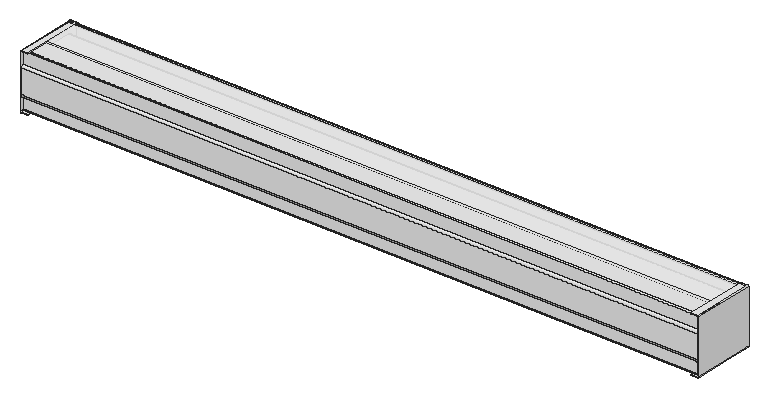
Revit family "LHCAV", category Lighting Fixtures, host Wall, Revit 2019
Family settings
  Host = Wall
  Round Connector Dimension = Use Diameter
  Part Type = Normal
  OmniClass Number = 23.80.70.11.14
  OmniClass Title = General Luminaries, Directional
  Always vertical = Yes
  Cut with Voids When Loaded = No
  Light Source = Yes
  Shared = No
  Room Calculation Point = No
Parameters (values of type "LHCAV48-LED840K071LUNV")
  Wattage = 54 W
  built-in parameter 1150110 = 1 (stored number, unit not read)
  Voltage = 120 V
  URL = "https://www.viscor.com/en/products/lhcav"
  built-in parameter 1114217 = 0.9 (stored number, unit not read)
  Tilt Angle = 180.00°
  built-in parameter 1150109 = 1 (stored number, unit not read)
  built-in parameter 1150134 = 12
  built-in parameter 1150113 = 1 (stored number, unit not read)
  Photometric Web File = "LHCAV48-LED840K071LUNV-G002292.IES"
  Model = "LHCAV"  # constant formula
  Manufacturer = "VISIONEERING by VISCOR"  # constant formula
  Lumens = 7074 lm
  built-in parameter 1150115 = 1 (stored number, unit not read)
  built-in parameter 1150105 = 562.93 (stored number, unit not read)
  built-in parameter 1150137 = (empty or 0)
  built-in parameter 1150139 = (empty or 0)
  Lens Finish = Acrylic - Viscor - Frosted Prismatic P12
  Length = 4' - 0"
  Lamp Wattage = 54 VA
  built-in parameter 1150112 = 1 (stored number, unit not read)
  built-in parameter 1150114 = 1 (stored number, unit not read)
  Lamp = "LED"  # constant formula
  built-in parameter 1150132 = (empty or 0)
  built-in parameter 1150102 = (empty or 0)
  built-in parameter 1150138 = (empty or 0)
  built-in parameter 1150107 = 4000 (stored number, unit not read)
  built-in parameter 1150106 = 5.6293 (stored number, unit not read)
  Housing Finish = Metal - Viscor - White
  Emit from Line Length = Length  # 4' - 0"
  built-in parameter 1150104 = 12.17 (stored number, unit not read)
  Dimming Lamp Color Temperature Shift = <None>
  Description = " LED Hospital Cavalier"  # constant formula
  Color Filter = 16777215
  built-in parameter 1114218 = 1 (stored number, unit not read)
  built-in parameter 1150133 = 10 (stored number, unit not read)
  Assembly Code = "D5020200"
  Apparent Load = Lamp Wattage  # 54 VA
Types (3): name | Wattage | Photometric Web File | Lumens | built-in parameter 1150105 | Length | Lamp Wattage | built-in parameter 1150106 | Emit from Line Length | built-in parameter 1150104 | Apparent Load
  (no name) | 54 W | "LHCAV48-LED840K071LUNV-G002292.IES" | 7074 lm | 562.93 (stored number, unit not read) | 4' - 0" | 54 VA | 5.6293 (stored number, unit not read) | 4' - 0" | 12.17 (stored number, unit not read) | 54 VA
  LHCAV24-LED840K035LUNV | 32 W | "LHCAV24-LED840K035LUNV-G002289.IES" | 3488 lm | 277.57 (stored number, unit not read) | 2' - 0" | 32 VA | 2.7757 (stored number, unit not read) | 2' - 0" | 10.126 (stored number, unit not read) | 32 VA
  LHCAV48-LED840K071LUNV | 54 W | "LHCAV48-LED840K071LUNV-G002292.IES" | 7074 lm | 562.93 (stored number, unit not read) | 4' - 0" | 54 VA | 5.6293 (stored number, unit not read) | 4' - 0" | 12.17 (stored number, unit not read) | 54 VA
Reference planes (in)
  plane 1: y = 0
  plane 2 "Light Source Axis (F/B)": y = 7.5
  plane 3 "Light Source Axis (L/R)": x = -1.43133
  plane 4 "Light Source Elevation": z = 77.42225
  plane 5: x = -25.43133
  plane 6: x = 22.56867
  plane 7: x = -25.40008
  plane 8: x = 22.53742
  plane 9: x = 22.50617
  plane 10: x = -25.36883
  plane 11: x = -24.89733
  plane 12: x = 22.03467
  plane 13: x = 21.22317
  plane 14: x = -24.08583
  plane 15: y = 3
  plane 16 "FixtureDepth": y = 7.404
Forms (in)
  Extrusion 1, solid, material "Metal - Viscor - White" <- "Housing Finish"
    sketch origin (-1.43133, 0, 0) x (0, -1, 0) y (0, 0, 1)
      loop
        line (-4.802, 79.32825) -> (-4.802, 79.297) -> (-3.219, 79.297)
        arc (-3.219, 79.297) -> (-3.19231, 79.28594) -> (-3.18125, 79.25925) r 0.03775
        line (-3.18125, 79.25925) -> (-3.18125, 75.58525)
        arc (-3.18125, 75.58525) -> (-3.19231, 75.55856) -> (-3.219, 75.5475) r 0.03775
        line (-3.219, 75.5475) -> (-4.802, 75.5475) -> (-4.802, 75.51625) -> (-3.219, 75.51625)
        arc (-3.219, 75.51625) -> (-3.17021, 75.53646) -> (-3.15, 75.58525) r 0.069
        line (-3.15, 75.58525) -> (-3.15, 76.39477)
        arc (-3.15, 76.39477) -> (-3.04252, 76.45606) -> (-3, 76.57225) r 0.18
        line (-3, 76.57225) -> (-3, 78.27225)
        arc (-3, 78.27225) -> (-3.04252, 78.38844) -> (-3.15, 78.44973) r 0.18
        line (-3.15, 78.44973) -> (-3.15, 79.25925)
        arc (-3.15, 79.25925) -> (-3.17021, 79.30804) -> (-3.219, 79.32825) r 0.069
        line (-3.219, 79.32825) -> (-4.802, 79.32825)
    from -23.96875 to 23.96875
  Extrusion 2, solid, material "Metal - Viscor - White" <- "Housing Finish"
    sketch origin (0, 7.5, 0) x (1, 0, 0) y (0, 0, 1)
      loop
        line (22.49967, 79.38725) -> (22.03517, 79.38725) -> (22.03517, 79.356) -> (22.49967, 79.356)
        arc (22.49967, 79.356) -> (22.52637, 79.34494) -> (22.53742, 79.31825) r 0.03775
        line (22.53742, 79.31825) -> (22.53742, 75.52625)
        arc (22.53742, 75.52625) -> (22.52637, 75.49956) -> (22.49967, 75.4885) r 0.03775
        line (22.49967, 75.4885) -> (22.03517, 75.4885) -> (22.03517, 75.45725) -> (22.49967, 75.45725)
        arc (22.49967, 75.45725) -> (22.54847, 75.47746) -> (22.56867, 75.52625) r 0.069
        line (22.56867, 75.52625) -> (22.56867, 79.31825)
        arc (22.56867, 79.31825) -> (22.54847, 79.36704) -> (22.49967, 79.38725) r 0.069
    from 0.096 to 4.5
  Extrusion 3, solid, material "Metal - Viscor - White" <- "Housing Finish"
    sketch origin (0, 7.5, 0) x (1, 0, 0) y (0, 0, 1)
      loop
        line (22.49967, 79.356) -> (22.03517, 79.356) -> (22.03517, 75.4885) -> (22.49967, 75.4885)
        arc (22.49967, 75.4885) -> (22.52637, 75.49956) -> (22.53742, 75.52625) r 0.03775
        line (22.53742, 75.52625) -> (22.53742, 79.31825)
        arc (22.53742, 79.31825) -> (22.52637, 79.34494) -> (22.49967, 79.356) r 0.03775
    from 0.096 to 0.12725
  Extrusion 4, solid, material "Metal - Viscor - White" <- "Housing Finish"
    sketch origin (-2.86265, 7.5, 0) x (-1, 0, 0) y (0, 0, -1)
      loop
        arc (22.49967, -79.38725) -> (22.54847, -79.36704) -> (22.56867, -79.31825) r 0.069
        line (22.56867, -79.31825) -> (22.56867, -75.52625)
        arc (22.56867, -75.52625) -> (22.54847, -75.47746) -> (22.49967, -75.45725) r 0.069
        line (22.49967, -75.45725) -> (22.03517, -75.45725) -> (22.03517, -75.4885) -> (22.49967, -75.4885)
        arc (22.49967, -75.4885) -> (22.52637, -75.49956) -> (22.53742, -75.52625) r 0.03775
        line (22.53742, -75.52625) -> (22.53742, -79.31825)
        arc (22.53742, -79.31825) -> (22.52637, -79.34494) -> (22.49967, -79.356) r 0.03775
        line (22.49967, -79.356) -> (22.03517, -79.356) -> (22.03517, -79.38725) -> (22.49967, -79.38725)
    from 0.096 to 4.5
  Extrusion 5, solid, material "Metal - Viscor - White" <- "Housing Finish"
    sketch origin (-2.86265, 7.5, 0) x (-1, 0, 0) y (0, 0, -1)
      loop
        arc (22.49967, -79.356) -> (22.52637, -79.34494) -> (22.53742, -79.31825) r 0.03775
        line (22.53742, -79.31825) -> (22.53742, -75.52625)
        arc (22.53742, -75.52625) -> (22.52637, -75.49956) -> (22.49967, -75.4885) r 0.03775
        line (22.49967, -75.4885) -> (22.03517, -75.4885) -> (22.03517, -79.356) -> (22.49967, -79.356)
    from 0.096 to 0.12725
  Extrusion 6, solid, material "Metal - Viscor - White" <- "Housing Finish"
    sketch origin (-1.43133, 0, 0) x (0, -1, 0) y (0, 0, 1)
      loop
        line (-4.523, 75.56725) -> (-3.28, 75.56725) -> (-3.28, 75.5985) -> (-4.49175, 75.5985) -> (-4.49175, 79.246) -> (-3.28, 79.246) -> (-3.28, 79.27725) -> (-4.523, 79.27725) -> (-4.523, 75.56725)
    from -23.9375 to 23.9375
  Extrusion 7, solid, material "Acrylic - Viscor - Frosted Prismatic P12" <- "Lens Finish"
    sketch origin (-1.43133, 0, 0) x (0, -1, 0) y (0, 0, 1)
      loop
        line (-7.253, 75.51625) -> (-4.592, 75.51625) -> (-4.592, 75.61125) -> (-7.253, 75.61125)
        arc (-7.253, 75.61125) -> (-7.30391, 75.63234) -> (-7.325, 75.68325) r 0.072
        line (-7.325, 75.68325) -> (-7.325, 79.16125)
        arc (-7.325, 79.16125) -> (-7.30391, 79.21216) -> (-7.253, 79.23325) r 0.072
        line (-7.253, 79.23325) -> (-4.592, 79.23325) -> (-4.592, 79.32825) -> (-7.253, 79.32825)
        arc (-7.253, 79.32825) -> (-7.37109, 79.27934) -> (-7.42, 79.16125) r 0.167
        line (-7.42, 79.16125) -> (-7.42, 75.68325)
        arc (-7.42, 75.68325) -> (-7.37109, 75.56516) -> (-7.253, 75.51625) r 0.167
    from -23.96875 to 23.96875
  Extrusion 8, solid, material "Metal - Viscor - White" <- "Housing Finish"
    sketch origin (-1.43133, 0, 0) x (0, -1, 0) y (0, 0, 1)
      loop
        line (-7.381, 75.49725) -> (-7.1635, 75.49725) -> (-7.1635, 75.5285) -> (-7.381, 75.5285)
        arc (-7.381, 75.5285) -> (-7.40274, 75.53751) -> (-7.41175, 75.55925) r 0.03075
        line (-7.41175, 75.55925) -> (-7.41175, 79.28525)
        arc (-7.41175, 79.28525) -> (-7.40274, 79.30699) -> (-7.381, 79.316) r 0.03075
        line (-7.381, 79.316) -> (-7.1635, 79.316) -> (-7.1635, 79.34725) -> (-7.381, 79.34725)
        arc (-7.381, 79.34725) -> (-7.42484, 79.32909) -> (-7.443, 79.28525) r 0.062
        line (-7.443, 79.28525) -> (-7.443, 75.55925)
        arc (-7.443, 75.55925) -> (-7.42484, 75.51541) -> (-7.381, 75.49725) r 0.062
    from -23.96875 to 23.96875
  Extrusion 9, solid, material "Metal - Viscor - White" <- "Housing Finish"
    sketch origin (-1.43133, 0, 0) x (0, -1, 0) y (0, 0, 1)
      loop
        arc (-7.26964, 76.28425) -> (-7.25148, 76.24041) -> (-7.20764, 76.22225) r 0.062
        line (-7.20764, 76.22225) -> (-4.59864, 76.22225)
        arc (-4.59864, 76.22225) -> (-4.57106, 76.21083) -> (-4.55964, 76.18325) r 0.039
        line (-4.55964, 76.18325) -> (-4.55964, 75.76125)
        arc (-4.55964, 75.76125) -> (-4.57106, 75.73367) -> (-4.59864, 75.72225) r 0.039
        line (-4.59864, 75.72225) -> (-4.78664, 75.72225) -> (-4.78664, 75.691) -> (-4.59864, 75.691)
        arc (-4.59864, 75.691) -> (-4.54896, 75.71158) -> (-4.52839, 75.76125) r 0.07025
        line (-4.52839, 75.76125) -> (-4.52839, 76.18325)
        arc (-4.52839, 76.18325) -> (-4.54896, 76.23292) -> (-4.59864, 76.2535) r 0.07025
        line (-4.59864, 76.2535) -> (-7.20764, 76.2535)
        arc (-7.20764, 76.2535) -> (-7.22938, 76.26251) -> (-7.23839, 76.28425) r 0.03075
        line (-7.23839, 76.28425) -> (-7.23839, 78.56025)
        arc (-7.23839, 78.56025) -> (-7.22938, 78.58199) -> (-7.20764, 78.591) r 0.03075
        line (-7.20764, 78.591) -> (-4.59864, 78.591)
        arc (-4.59864, 78.591) -> (-4.54896, 78.61158) -> (-4.52839, 78.66125) r 0.07025
        line (-4.52839, 78.66125) -> (-4.52839, 79.08325)
        arc (-4.52839, 79.08325) -> (-4.54896, 79.13292) -> (-4.59864, 79.1535) r 0.07025
        line (-4.59864, 79.1535) -> (-4.78664, 79.1535) -> (-4.78664, 79.12225) -> (-4.59864, 79.12225)
        arc (-4.59864, 79.12225) -> (-4.57106, 79.11083) -> (-4.55964, 79.08325) r 0.039
        line (-4.55964, 79.08325) -> (-4.55964, 78.66125)
        arc (-4.55964, 78.66125) -> (-4.57106, 78.63367) -> (-4.59864, 78.62225) r 0.039
        line (-4.59864, 78.62225) -> (-7.20764, 78.62225)
        arc (-7.20764, 78.62225) -> (-7.25148, 78.60409) -> (-7.26964, 78.56025) r 0.062
        line (-7.26964, 78.56025) -> (-7.26964, 76.28425)
    from -23.9375 to 23.9375
Text (in)
  text "Placement Side" at (0, 40.15149, 123.01588), in view "Right"
  text "Placement Side" at (-85.66089, 49.38177, 0), in view "Ref. Level"
  text "Placement Side" at (0, 85.69064, 140.59947), in view "Left"
Dimensions and locks (in)
  equal spacing: plane 5, plane 3 "Light Source Axis (L/R)", plane 6
  "Length": plane 5 to plane 6
  plane 5 to plane 7 to plane 3 "Light Source Axis (L/R)" = 0' - 0 1/32" locked, 1' - 11 31/32"
  locked: plane 8 to plane 6 at 0.03125
  locked: plane 5 to plane 11 at 0.534
  locked: plane 12 to plane 6 at 0.534
  plane 8 to plane 9 to plane 13 = 0' - 0 1/32" locked, 0' - 1.283" locked
  plane 14 to plane 10 to plane 7 = 0' - 1.283" locked, 0' - 0 1/32" locked
  plane 1 to plane 15 to plane 2 "Light Source Axis (F/B)" = 0' - 3", 0' - 4 1/2"
  aligned: level to host wall
  aligned and locked: plane 3 "Light Source Axis (L/R)" to imposter light
  aligned and locked: plane 2 "Light Source Axis (F/B)" to imposter light
  aligned and locked: plane 4 "Light Source Elevation" to imposter light
  aligned and locked: plane 8 to Extrusion 1
  aligned and locked: Extrusion 1 to plane 7
  aligned and locked: Extrusion 2 to plane 15
  aligned and locked: Extrusion 2 to plane 16 "FixtureDepth"
  aligned and locked: Extrusion 3 to import instance
  aligned and locked: Extrusion 2 to Extrusion 3
  aligned and locked: Extrusion 6 to plane 9
  aligned and locked: plane 10 to Extrusion 6
  aligned and locked: plane 8 to Extrusion 7
  aligned and locked: Extrusion 7 to plane 7
  aligned and locked: Extrusion 8 to plane 7
  aligned and locked: plane 8 to Extrusion 8
  aligned and locked: Extrusion 9 to plane 9
  aligned and locked: plane 10 to Extrusion 9
Automatic sketch dimensions
  Extrusion 1 sketch curve to Extrusion 1 sketch curve = 0' - 0"  (x4)
  Extrusion 1 sketch curve to host wall = 0' - 0"
  host wall to Extrusion 1 sketch curve = 0' - 0.15"  (x2)
  Extrusion 1 sketch curve to Extrusion 1 sketch curve = 0' - 0.03"
  host wall to Extrusion 1 sketch curve = 0' - 0.18"
  Extrusion 1 sketch curve to Extrusion 1 sketch curve = 0' - 0 1/32"
  Extrusion 1 sketch curve to Extrusion 1 sketch curve = 0' - 0.03775"  (x2)
  Extrusion 1 sketch curve to Extrusion 1 sketch curve = 0' - 1.583"  (x2)
  plane 4 "Light Source Elevation" to Extrusion 1 sketch curve = 0' - 1.906"
  Extrusion 1 sketch curve to Extrusion 1 sketch curve = 0' - 0.80952"  (x2)
  Extrusion 1 sketch curve to plane 4 "Light Source Elevation" = 0' - 0.85"
  Extrusion 2 sketch curve to Extrusion 2 sketch curve = 0' - 0"  (x4)
  Extrusion 2 sketch curve to plane 8 = 0' - 0"
  Extrusion 2 sketch curve to plane 6 = 0' - 0"
  plane 9 to Extrusion 2 sketch curve = 0' - 0.0065"  (x2)
  plane 12 to Extrusion 2 sketch curve = 0' - 0.0005"  (x2)
  plane 4 "Light Source Elevation" to Extrusion 2 sketch curve = 0' - 1.965"
  Extrusion 2 sketch curve to plane 4 "Light Source Elevation" = 0' - 1.896"
  Extrusion 3 sketch curve to plane 8 = 0' - 0"
  plane 9 to Extrusion 3 sketch curve = 0' - 0.0065"  (x2)
  plane 12 to Extrusion 3 sketch curve = 0' - 0.0005"
  plane 4 "Light Source Elevation" to Extrusion 3 sketch curve = 0' - 1.93375"
  Extrusion 3 sketch curve to plane 4 "Light Source Elevation" = 0' - 1.896"
  Extrusion 4 sketch curve to Extrusion 4 sketch curve = 0' - 0"  (x4)
  Extrusion 4 sketch curve to plane 7 = 0' - 0"
  Extrusion 4 sketch curve to plane 5 = 0' - 0"
  plane 10 to Extrusion 4 sketch curve = 0' - 0.0065"  (x2)
  plane 11 to Extrusion 4 sketch curve = 0' - 0.0005"  (x2)
  Extrusion 4 sketch curve to plane 4 "Light Source Elevation" = 0' - 1.965"
  plane 4 "Light Source Elevation" to Extrusion 4 sketch curve = 0' - 1.896"
  Extrusion 5 sketch curve to plane 7 = 0' - 0"
  plane 10 to Extrusion 5 sketch curve = 0' - 0.0065"  (x2)
  plane 11 to Extrusion 5 sketch curve = 0' - 0.0005"
  Extrusion 5 sketch curve to plane 4 "Light Source Elevation" = 0' - 1.93375"
  plane 4 "Light Source Elevation" to Extrusion 5 sketch curve = 0' - 1.896"
  host wall to Extrusion 6 sketch curve = 0' - 1.523"
  Extrusion 6 sketch curve to Extrusion 6 sketch curve = 0' - 0 1/32"  (x3)
  host wall to Extrusion 6 sketch curve = 0' - 0.28"  (x2)
  plane 4 "Light Source Elevation" to Extrusion 6 sketch curve = 0' - 1.855"
  Extrusion 6 sketch curve to plane 4 "Light Source Elevation" = 0' - 1.82375"
  host wall to Extrusion 7 sketch curve = 0' - 1.592"  (x2)
  plane 4 "Light Source Elevation" to Extrusion 7 sketch curve = 0' - 1.906"
  plane 16 "FixtureDepth" to Extrusion 7 sketch curve = 0' - 0.151"
  Extrusion 7 sketch curve to Extrusion 7 sketch curve = 0' - 0.095"
  Extrusion 7 sketch curve to Extrusion 7 sketch curve = 0' - 0"  (x4)
  Extrusion 7 sketch curve to Extrusion 7 sketch curve = 0' - 0.072"  (x2)
  Extrusion 7 sketch curve to plane 4 "Light Source Elevation" = 0' - 1.739"
  Extrusion 8 sketch curve to Extrusion 8 sketch curve = 0' - 0"  (x4)
  Extrusion 8 sketch curve to plane 16 "FixtureDepth" = 0' - 0.039"
  Extrusion 8 sketch curve to plane 16 "FixtureDepth" = 0' - 0.00775"
  plane 16 "FixtureDepth" to Extrusion 8 sketch curve = 0' - 0.023"  (x2)
  Extrusion 8 sketch curve to Extrusion 8 sketch curve = 0' - 0.2175"  (x2)
  plane 4 "Light Source Elevation" to Extrusion 8 sketch curve = 0' - 1.925"
  Extrusion 8 sketch curve to plane 4 "Light Source Elevation" = 0' - 1.863"
  Extrusion 9 sketch curve to Extrusion 9 sketch curve = 0' - 0"  (x13)
  plane 16 "FixtureDepth" to Extrusion 9 sketch curve = 0' - 0.13436"
  Extrusion 9 sketch curve to Extrusion 9 sketch curve = 0' - 0 1/32"
  Extrusion 9 sketch curve to Extrusion 9 sketch curve = 0' - 0.03075"  (x2)
  host wall to Extrusion 9 sketch curve = 0' - 1.78664"
  host wall to Extrusion 9 sketch curve = 0' - 1.59864"
  Extrusion 9 sketch curve to Extrusion 9 sketch curve = 0' - 0.188"  (x3)
  Extrusion 9 sketch curve to Extrusion 9 sketch curve = 0' - 0.039"  (x2)
  plane 4 "Light Source Elevation" to Extrusion 9 sketch curve = 0' - 1.73125"
  Extrusion 9 sketch curve to Extrusion 9 sketch curve = 0' - 0.422"  (x2)
  Extrusion 9 sketch curve to plane 4 "Light Source Elevation" = 0' - 1.138"
Connectors (in)
  electrical at (-1.43133, 7.5, 77.42225), driven by "Voltage", driven by "Lamp Wattage"
    settings: on imposter light, index 1, voltage 120 V, apparent load 0 VA, apparent load phase1 54 VA, apparent load phase2 0 VA, apparent load phase3 0 VA, power factor 1, load classification "Other", number of poles 1, system type 31, power factor state 1, is connector primary yes, connector utility no, sub classification motor no, connector description ""
